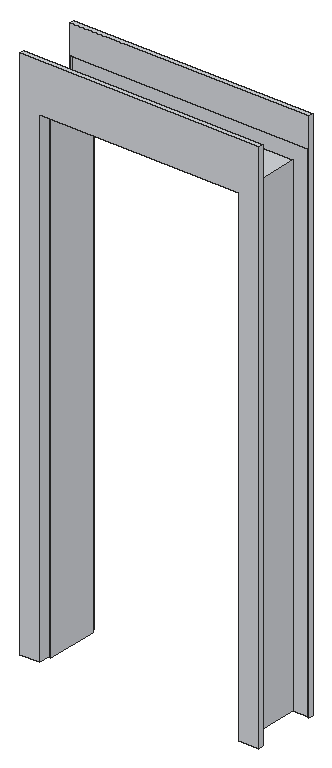
Revit family "osclevel_pn80", category Drzwi, Revit 2016
Family settings
  Obiekt nadrzędny = Ściana
  Zawsze pionowo = Tak
  Tnij formami wycięć po wczytaniu = Nie
  Współdzielony = Nie
  Punkt obliczania pomieszczeń = Nie
Parameters (values of type "PN 80")
  Wysokość brutto = 2055 mm
  Szerokość ściany [instance] = 240 mm
  URL = "www.porta.com.pl"
  Szerokość brutto = 880 mm
  Producent = "PORTA KMI POLAND"  # constant formula
  Keynote = ""
  Opis = "Własność Porta KMI Poland, wszelkie prawa zastrzeżone."  # constant formula
  Wysokość = 2016 mm
  Zakończenie ściany = Wg obiektu nadrzędnego
  Szerokość = 802 mm
  Model = "Porta LEVEL"
  Materiał_ościeżnica [instance] = none
  Konstrukcja analityczna = "<Brak>"
  Informacja = ""
  Funkcja = Wewnętrzna
Reference planes
  plane 1: y = 0
  plane 2 "Środek (Lewa/Prawa)": x = 0
  plane 3 "Lewy": x = -440
  plane 4 "Prawy": x = 440
  plane 5: z = 2055
  plane 6 "Zewnętrzna": y = 120
  plane 7 "Wewnętrzna": y = -120
  plane 8: x = -401
  plane 9: y = -138.9
  plane 10: x = -494.4
  plane 11: x = 494.4
Forms (mm)
  Sweep 1, solid, material <- "Materiał_ościeżnica"
    path in 3D
      loop
        line (-440, -120, 0) -> (-440, -120, 2055) -> (440, -120, 2055) -> (440, -120, 0)
    profile origin (-440, -120, 1027.5) x (0, -1, 0) y (1, 0, 0)
      loop
        line (-240, -54.4) -> (-240, -49.7) -> (-243.2, -49.7) -> (-243.2, 16.3) -> (3.2, 16.3) -> (3.2, -49.7) -> (0, -49.7) -> (0, -54.4) -> (18.9, -54.4) -> (18.9, 27) -> (-26.7, 27) -> (-26.7, 39) -> (-243.2, 39) -> (-243.2, 27) -> (-258.9, 27) -> (-258.9, -54.4) -> (-240, -54.4)
  Extrusion 2, solid, material <- "Materiał_ościeżnica"
    sketch origin (-359, -94.5, 2024.974) x (0, 0, -1) y (0, -1, 0)
      loop
        line (-203.026, -233.4) -> (-84.426, -233.4) -> (-84.426, -214.5) -> (-203.026, -214.5) -> (-203.026, -233.4)
    from -853.4 to 135.4
  Extrusion 3, solid, material <- "Materiał_ościeżnica"
    sketch origin (-359, -94.5, 2024.974) x (0, 0, -1) y (0, -1, 0)
      loop
        line (-203.026, 44.4) -> (-203.026, 25.5) -> (-84.426, 25.5) -> (-84.426, 44.4) -> (-203.026, 44.4)
    from -853.4 to 135.4
Cuts and joins
  joined: Sweep 1, Extrusion 2, Extrusion 3
Lines and regions (mm)
  Opening 1
    outline origin (-3050, -120, 0) x (1, 0, 0) y (0, 0, 1)
      loop
        line (2610, 0) -> (3490, 0) -> (3490, 2055) -> (2610, 2055) -> (2610, 0)
  sketch lines
    curve 1: line (-440, -120, 0) -> (-440, -120, 2055)
    curve 2: line (-440, -120, 2055) -> (440, -120, 2055)
    curve 3: line (440, -120, 2055) -> (440, -120, 0)
Text (mm)
  text "Zewnętrzna" at (-2295.016, 1099.543, 0), in view "Poziom odniesienia"
  text "Zewnętrzna" at (0, 1615.38, 3698.081), in view "Lewy"
  text "Zewnętrzna" at (0, 1036.032, 3874.932), in view "Prawy"
Dimensions and locks
  equal spacing: plane 3 "Lewy", plane 2 "Środek (Lewa/Prawa)", plane 4 "Prawy"
  "Szerokość brutto": plane 3 "Lewy" to plane 4 "Prawy"
  "Wysokość brutto": plane 5 to host wall
  host wall to plane 5 = 2055 mm  (x2)
  locked: plane 6 "Zewnętrzna" to host wall at 0
  locked: plane 7 "Wewnętrzna" to host wall
  locked: plane 3 "Lewy" to plane 8 at 39
  locked: plane 6 "Zewnętrzna" to Sweep 1 sketch curve at 18.9
  locked: profile plane to Sweep 1 sketch curve at 27
  locked: Sweep 1 sketch curve to plane 8 at 22.7
  locked: Sweep 1 sketch curve to profile plane at 26.7
  locked: profile plane to Sweep 1 sketch curve at 18.9
  locked: Sweep 1 sketch curve to profile plane at 54.4  (x2)
  locked: plane 9 to host wall at 18.9
  locked: plane 10 to plane 3 "Lewy" at 54.4
  locked: plane 4 "Prawy" to plane 11 at 54.4
  "Szerokość ściany": host wall to host wall
  aligned and locked: plane 3 "Lewy" to Opening 1 sketch curve
  aligned and locked: plane 5 to Opening 1 sketch curve  (x2)
  aligned and locked: Opening 1 sketch curve to plane 4 "Prawy"
  aligned and locked: Opening 1 sketch curve to level
  aligned and locked: plane 1 to host wall
  aligned and locked: Sweep 1 sketch curve to plane 6 "Zewnętrzna"
  aligned and locked: Sweep 1 sketch curve to profile plane
  aligned and locked: Sweep 1 sketch curve to plane 8
  aligned and locked: Extrusion 2 sketch curve to Sweep 1  (x2)
  aligned and locked: host wall to Extrusion 2 sketch curve
  aligned and locked: Extrusion 3 sketch curve to plane 9
  aligned and locked: host wall to Extrusion 3 sketch curve
  aligned and locked: Extrusion 3 sketch curve to Sweep 1
  aligned and locked: Extrusion 3 sketch curve to Extrusion 2
  aligned and locked: plane 11 to Extrusion 3
  aligned and locked: plane 10 to Extrusion 3
  aligned and locked: plane 11 to Extrusion 2
  aligned and locked: plane 10 to Extrusion 2
Automatic sketch dimensions
  Sweep 1 sketch curve to Sweep 1 sketch curve = 0 mm
  Sweep 1 sketch curve to Sweep 1 sketch curve = 3.2 mm
  Sweep 1 sketch curve to Sweep 1 sketch curve = 15.7 mm
  Sweep 1 sketch curve to Sweep 1 sketch curve = 4.7 mm  (x2)
  Sweep 1 sketch curve to Sweep 1 sketch curve = 10.7 mm
  Extrusion 2 sketch curve to plane 5 = 173 mm
